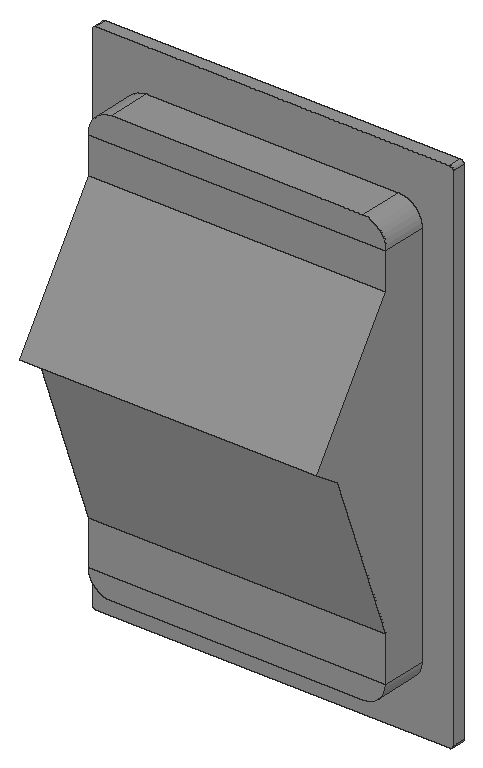
Revit family "L&L_LUCE&LIGHT_PASITO_MINI_1.1", category Lighting Fixtures, host Wall, Revit 2018 (continued)
Types (2, lengths in mm): name | built-in parameter 1150142 | Photometric Web File
    00 0.00 0.00 0.00 0.00 0.00 0.00 \r\n0.00 0.00 0.00 0.00 0.00 0.00 0.00 0.00 0.00 0.00 0.00 \r\n0.00 0.00 0.00 0.00 0.00 0.00 0.00 0.00 0.00 0.00 0.00 \r\n0.00 0.00 0.00 0.00 0.00 0.00 0.00 0.00 0.00 0.00 0.00 \r\n0.00 0.00 0.00 0.00 0.00 0.00 0.00 0.00 0.00 0.00 0.00 \r\n0.00 0.00 0.00 0.00 0.02 \r\n0.03 0.00 0.00 0.00 0.00 0.00 0.00 0.00 0.00 0.00 0.00 \r\n0.00 0.00 0.00 0.00 0.00 0.00 0.00 0.00 0.00 0.00 0.00 \r\n0.00 0.00 0.00 0.00 0.00 0.00 0.00 0.00 0.00 0.00 0.00 \r\n0.00 0.00 0.00 0.00 0.00 0.00 0.00 0.00 0.00 0.00 0.00 \r\n0.00 0.00 0.00 0.00 0.00 0.00 0.00 0.00 0.00 0.00 0.00 \r\n0.00 0.00 0.00 0.00 0.00 0.00 0.00 0.00 0.00 0.00 0.00 \r\n0.00 0.00 0.00 0.00 0.00 0.00 0.00 0.00 0.00 0.00 0.00 \r\n0.00 0.00 0.00 0.00 0.00 0.00 0.00 0.00 0.00 0.00 0.00 \r\n0.00 0.00 0.00 0.00 0.00 0.00 0.00 0.00 0.00 0.00 0.00 \r\n0.00 0.00 0.00 0.00 0.00 0.00 0.00 0.00 0.00 0.00 0.00 \r\n0.00 0.00 0.00 0.00 0.00 0.00 0.00 0.00 0.00 0.00 0.00 \r\n0.00 0.00 0.00 0.00 0.00 0.00 0.00 0.00 0.00 0.00 0.00 \r\n0.00 0.00 0.00 0.00 0.00 0.00 0.00 0.00 0.00 0.00 0.00 \r\n0.00 0.00 0.00 0.00 0.00 0.00 0.00 0.00 0.00 0.00 0.00 \r\n0.00 0.00 0.00 0.00 0.00 0.00 0.00 0.00 0.00 0.00 0.00 \r\n0.00 0.00 0.00 0.00 0.00 0.00 0.00 0.00 0.00 0.00 0.00 \r\n0.00 0.00 0.00 0.00 0.02 \r\n0.03 0.00 0.00 0.00 0.00 0.00 0.00 0.00 0.00 0.00 0.00 \r\n0.00 0.00 0.00 0.00 0.00 0.00 0.00 0.00 0.00 0.00 0.00 \r\n0.00 0.00 0.00 0.00 0.00 0.00 0.00 0.00 0.00 0.00 0.00 \r\n0.00 0.00 0.00 0.00 0.00 0.00 0.00 0.00 0.00 0.00 0.00 \r\n0.00 0.00 0.00 0.00 0.00 0.00 0.00 0.00 0.00 0.00 0.00 \r\n0.00 0.00 0.00 0.00 0.00 0.00 0.00 0.00 0.00 0.00 0.00 \r\n0.00 0.00 0.00 0.00 0.00 0.00 0.00 0.00 0.00 0.00 0.00 \r\n0.00 0.00 0.00 0.00 0.00 0.00 0.00 0.00 0.00 0.00 0.00 \r\n0.00 0.00 0.00 0.00 0.00 0.00 0.00 0.00 0.00 0.00 0.00 \r\n0.00 0.00 0.00 0.00 0.00 0.00 0.00 0.00 0.00 0.00 0.00 \r\n0.00 0.00 0.00 0.00 0.00 0.00 0.00 0.00 0.00 0.00 0.00 \r\n0.00 0.00 0.00 0.00 0.00 0.00 0.00 0.00 0.00 0.00 0.00 \r\n0.00 0.00 0.00 0.00 0.00 0.00 0.00 0.00 0.00 0.00 0.00 \r\n0.00 0.00 0.00 0.00 0.00 0.00 0.00 0.00 0.00 0.00 0.00 \r\n0.00 0.00 0.00 0.00 0.00 0.00 0.00 0.00 0.00 0.00 0.00 \r\n0.00 0.00 0.00 0.00 0.00 0.00 0.00 0.00 0.00 0.00 0.00 \r\n0.00 0.00 0.00 0.00 0.02 \r\n0.03 0.00 0.00 0.00 0.00 0.00 0.00 0.00 0.00 0.00 0.00 \r\n0.00 0.00 0.00 0.00 0.00 0.00 0.00 0.00 0.00 0.00 0.00 \r\n0.00 0.00 0.00 0.00 0.00 0.00 0.00 0.00 0.00 0.00 0.00 \r\n0.00 0.00 0.00 0.00 0.00 0.00 0.00 0.00 0.00 0.00 0.00 \r\n0.00 0.00 0.00 0.00 0.00 0.00 0.00 0.00 0.00 0.00 0.00 \r\n0.00 0.00 0.00 0.00 0.00 0.00 0.00 0.00 0.00 0.00 0.00 \r\n0.00 0.00 0.00 0.00 0.00 0.00 0.00 0.00 0.00 0.00 0.00 \r\n0.00 0.00 0.00 0.00 0.00 0.00 0.00 0.00 0.00 0.00 0.00 \r\n0.00 0.00 0.00 0.00 0.00 0.00 0.00 0.00 0.00 0.00 0.00 \r\n0.00 0.00 0.00 0.00 0.00 0.00 0.00 0.00 0.00 0.00 0.00 \r\n0.00 0.00 0.00 0.00 0.00 0.00 0.00 0.00 0.00 0.00 0.00 \r\n0.00 0.00 0.00 0.00 0.00 0.00 0.00 0.00 0.00 0.00 0.00 \r\n0.00 0.00 0.00 0.00 0.00 0.00 0.00 0.00 0.00 0.00 0.00 \r\n0.00 0.00 0.00 0.00 0.00 0.00 0.00 0.00 0.00 0.00 0.00 \r\n0.00 0.00 0.00 0.00 0.00 0.00 0.00 0.00 0.00 0.00 0.00 \r\n0.00 0.00 0.00 0.00 0.00 0.00 0.00 0.00 0.00 0.00 0.00 \r\n0.00 0.00 0.00 0.00 0.02 \r\n0.03 0.00 0.00 0.00 0.00 0.00 0.00 0.00 0.00 0.00 0.00 \r\n0.00 0.00 0.00 0.00 0.00 0.00 0.00 0.00 0.00 0.00 0.00 \r\n0.00 0.00 0.00 0.00 0.00 0.00 0.00 0.00 0.00 0.00 0.00 \r\n0.00 0.00 0.00 0.00 0.00 0.00 0.00 0.00 0.00 0.00 0.00 \r\n0.00 0.00 0.00 0.00 0.00 0.00 0.00 0.00 0.00 0.00 0.00 \r\n0.00 0.00 0.00 0.00 0.00 0.00 0.00 0.00 0.00 0.00 0.00 \r\n0.00 0.00 0.00 0.00 0.00 0.00 0.00 0.00 0.00 0.00 0.00 \r\n0.00 0.00 0.00 0.00 0.00 0.00 0.00 0.00 0.00 0.00 0.00 \r\n0.00 0.00 0.00 0.00 0.00 0.00 0.00 0.00 0.00 0.00 0.00 \r\n0.00 0.00 0.00 0.00 0.00 0.00 0.00 0.00 0.00 0.00 0.00 \r\n0.00 0.00 0.00 0.00 0.00 0.00 0.00 0.00 0.00 0.00 0.00 \r\n0.00 0.00 0.00 0.00 0.00 0.00 0.00 0.00 0.00 0.00 0.00 \r\n0.00 0.00 0.00 0.00 0.00 0.00 0.00 0.00 0.00 0.00 0.00 \r\n0.00 0.00 0.00 0.00 0.00 0.00 0.00 0.00 0.00 0.00 0.00 \r\n0.00 0.00 0.00 0.00 0.00 0.00 0.00 0.00 0.00 0.00 0.00 \r\n0.00 0.00 0.00 0.00 0.00 0.00 0.00 0.00 0.00 0.00 0.00 \r\n0.00 0.00 0.00 0.00 0.02 \r\n0.03 0.00 0.00 0.00 0.00 0.00 0.00 0.00 0.00 0.00 0.00 \r\n0.00 0.00 0.00 0.00 0.00 0.00 0.00 0.00 0.00 0.00 0.00 \r\n0.00 0.00 0.00 0.00 0.00 0.00 0.00 0.00 0.00 0.00 0.00 \r\n0.00 0.00 0.00 0.00 0.00 0.00 0.00 0.00 0.00 0.00 0.00 \r\n0.00 0.00 0.00 0.00 0.00 0.00 0.00 0.00 0.00 0.00 0.00 \r\n0.00 0.00 0.00 0.00 0.00 0.00 0.00 0.00 0.00 0.00 0.00 \r\n0.00 0.00 0.00 0.00 0.00 0.00 0.00 0.00 0.00 0.00 0.00 \r\n0.00 0.00 0.00 0.00 0.00 0.00 0.00 0.00 0.00 0.00 0.00 \r\n0.00 0.00 0.00 0.00 0.00 0.00 0.00 0.00 0.00 0.00 0.00 \r\n0.00 0.00 0.00 0.00 0.00 0.00 0.00 0.00 0.00 0.00 0.00 \r\n0.00 0.00 0.00 0.00 0.00 0.00 0.00 0.00 0.00 0.00 0.00 \r\n0.00 0.00 0.00 0.00 0.00 0.00 0.00 0.00 0.00 0.00 0.00 \r\n0.00 0.00 0.00 0.00 0.00 0.00 0.00 0.00 0.00 0.00 0.00 \r\n0.00 0.00 0.00 0.00 0.00 0.00 0.00 0.00 0.00 0.00 0.00 \r\n0.00 0.00 0.00 0.00 0.00 0.00 0.00 0.00 0.00 0.00 0.00 \r\n0.00 0.00 0.00 0.00 0.00 0.00 0.00 0.00 0.00 0.00 0.00 \r\n0.00 0.00 0.00 0.00 0.02 \r\n0.03 0.00 0.00 0.00 0.00 0.00 0.00 0.00 0.00 0.00 0.00 \r\n0.00 0.00 0.00 0.00 0.00 0.00 0.00 0.00 0.00 0.00 0.00 \r\n0.00 0.00 0.00 0.00 0.00 0.00 0.00 0.00 0.00 0.00 0.00 \r\n0.00 0.00 0.00 0.00 0.00 0.00 0.00 0.00 0.00 0.00 0.00 \r\n0.00 0.00 0.00 0.00 0.00 0.00 0.00 0.00 0.00 0.00 0.00 \r\n0.00 0.00 0.00 0.00 0.00 0.00 0.00 0.00 0.00 0.00 0.00 \r\n0.00 0.00 0.00 0.00 0.00 0.00 0.00 0.00 0.00 0.00 0.00 \r\n0.00 0.00 0.00 0.00 0.00 0.00 0.00 0.00 0.00 0.00 0.00 \r\n0.00 0.00 0.00 0.00 0.00 0.00 0.00 0.00 0.00 0.00 0.00 \r\n0.00 0.00 0.00 0.00 0.00 0.00 0.00 0.00 0.00 0.00 0.00 \r\n0.00 0.00 0.00 0.00 0.00 0.00 0.00 0.00 0.00 0.00 0.00 \r\n0.00 0.00 0.00 0.00 0.00 0.00 0.00 0.00 0.00 0.00 0.00 \r\n0.00 0.00 0.00 0.00 0.00 0.00 0.00 0.00 0.00 0.00 0.00 \r\n0.00 0.00 0.00 0.00 0.00 0.00 0.00 0.00 0.00 0.00 0.00 \r\n0.00 0.00 0.00 0.00 0.00 0.00 0.00 0.00 0.00 0.00 0.00 \r\n0.00 0.00 0.00 0.00 0.00 0.00 0.00 0.00 0.00 0.00 0.00 \r\n0.00 0.00 0.00 0.00 0.02 \r\n0.03 0.00 0.00 0.00 0.00 0.00 0.00 0.00 0.00 0.00 0.00 \r\n0.00 0.00 0.00 0.00 0.00 0.00 0.00 0.00 0.00 0.00 0.00 \r\n0.00 0.00 0.00 0.00 0.00 0.00 0.00 0.00 0.00 0.00 0.00 \r\n0.00 0.00 0.00 0.00 0.00 0.00 0.00 0.00 0.00 0.00 0.00 \r\n0.00 0.00 0.00 0.00 0.00 0.00 0.00 0.00 0.00 0.00 0.00 \r\n0.00 0.00 0.00 0.00 0.00 0.00 0.00 0.00 0.00 0.00 0.00 \r\n0.00 0.00 0.00 0.00 0.00 0.00 0.00 0.00 0.00 0.00 0.00 \r\n0.00 0.00 0.00 0.00 0.00 0.00 0.00 0.00 0.00 0.00 0.00 \r\n0.00 0.00 0.00 0.00 0.00 0.00 0.00 0.00 0.00 0.00 0.00 \r\n0.00 0.00 0.00 0.00 0.00 0.00 0.00 0.00 0.00 0.00 0.00 \r\n0.00 0.00 0.00 0.00 0.00 0.00 0.00 0.00 0.00 0.00 0.00 \r\n0.00 0.00 0.00 0.00 0.00 0.00 0.00 0.00 0.00 0.00 0.00 \r\n0.00 0.00 0.00 0.00 0.00 0.00 0.00 0.00 0.00 0.00 0.00 \r\n0.00 0.00 0.00 0.00 0.00 0.00 0.00 0.00 0.00 0.00 0.00 \r\n0.00 0.00 0.00 0.00 0.00 0.00 0.00 0.00 0.00 0.00 0.00 \r\n0.00 0.00 0.00 0.00 0.00 0.00 0.00 0.00 0.00 0.00 0.00 \r\n0.00 0.00 0.00 0.00 0.02 \r\n0.03 0.00 0.00 0.00 0.00 0.00 0.00 0.00 0.00 0.00 0.00 \r\n0.00 0.00 0.00 0.00 0.00 0.00 0.00 0.00 0.00 0.00 0.00 \r\n0.00 0.00 0.00 0.00 0.00 0.00 0.00 0.00 0.00 0.00 0.00 \r\n0.00 0.00 0.00 0.00 0.00 0.00 0.00 0.00 0.00 0.00 0.00 \r\n0.00 0.00 0.00 0.00 0.00 0.00 0.00 0.00 0.00 0.00 0.00 \r\n0.00 0.00 0.00 0.00 0.00 0.00 0.00 0.00 0.00 0.00 0.00 \r\n0.00 0.00 0.00 0.00 0.00 0.00 0.00 0.00 0.00 0.00 0.00 \r\n0.00 0.00 0.00 0.00 0.00 0.00 0.00 0.00 0.00 0.00 0.00 \r\n0.00 0.00 0.00 0.00 0.00 0.00 0.00 0.00 0.00 0.00 0.00 \r\n0.00 0.00 0.00 0.00 0.00 0.00 0.00 0.00 0.00 0.00 0.00 \r\n0.00 0.00 0.00 0.00 0.00 0.00 0.00 0.00 0.00 0.00 0.00 \r\n0.00 0.00 0.00 0.00 0.00 0.00 0.00 0.00 0.00 0.00 0.00 \r\n0.00 0.00 0.00 0.00 0.00 0.00 0.00 0.00 0.00 0.00 0.00 \r\n0.00 0.00 0.00 0.00 0.00 0.00 0.00 0.00 0.00 0.00 0.00 \r\n0.00 0.00 0.00 0.00 0.00 0.00 0.00 0.00 0.00 0.00 0.00 \r\n0.00 0.00 0.00 0.00 0.00 0.00 0.00 0.00 0.00 0.00 0.00 \r\n0.00 0.00 0.00 0.00 0.02 \r\n0.03 0.00 0.00 0.00 0.00 0.00 0.00 0.00 0.00 0.00 0.00 \r\n0.00 0.00 0.00 0.00 0.00 0.00 0.00 0.00 0.00 0.00 0.00 \r\n0.00 0.00 0.00 0.00 0.00 0.00 0.00 0.00 0.00 0.00 0.00 \r\n0.00 0.00 0.00 0.00 0.00 0.00 0.00 0.00 0.00 0.00 0.00 \r\n0.00 0.00 0.00 0.00 0.00 0.00 0.00 0.00 0.00 0.00 0.00 \r\n0.00 0.00 0.00 0.00 0.00 0.00 0.00 0.00 0.00 0.00 0.00 \r\n0.00 0.00 0.00 0.00 0.00 0.00 0.00 0.00 0.00 0.00 0.00 \r\n0.00 0.00 0.00 0.00 0.00 0.00 0.00 0.00 0.00 0.00 0.00 \r\n0.00 0.00 0.00 0.00 0.00 0.00 0.00 0.00 0.00 0.00 0.00 \r\n0.00 0.00 0.00 0.00 0.00 0.00 0.00 0.00 0.00 0.00 0.00 \r\n0.00 0.00 0.00 0.00 0.00 0.00 0.00 0.00 0.00 0.00 0.00 \r\n0.00 0.00 0.00 0.00 0.00 0.00 0.00 0.00 0.00 0.00 0.00 \r\n0.00 0.00 0.00 0.00 0.00 0.00 0.00 0.00 0.00 0.00 0.00 \r\n0.00 0.00 0.00 0.00 0.00 0.00 0.00 0.00 0.00 0.00 0.00 \r\n0.00 0.00 0.00 0.00 0.00 0.00 0.00 0.00 0.00 0.00 0.00 \r\n0.00 0.00 0.00 0.00 0.00 0.00 0.00 0.00 0.00 0.00 0.00 \r\n0.00 0.00 0.00 0.00 0.02 \r\n0.03 0.01 0.00 0.00 0.00 0.00 0.00 0.00 0.00 0.00 0.00 \r\n0.00 0.00 0.00 0.00 0.00 0.00 0.00 0.00 0.00 0.00 0.00 \r\n0.00 0.00 0.00 0.00 0.00 0.00 0.00 0.00 0.00 0.00 0.00 \r\n0.00 0.00 0.00 0.00 0.00 0.00 0.00 0.00 0.00 0.00 0.00 \r\n0.00 0.00 0.00 0.00 0.00 0.00 0.00 0.00 0.00 0.00 0.00 \r\n0.00 0.00 0.00 0.00 0.00 0.00 0.00 0.00 0.00 0.00 0.00 \r\n0.00 0.00 0.00 0.00 0.00 0.00 0.00 0.00 0.00 0.00 0.00 \r\n0.00 0.00 0.00 0.00 0.00 0.00 0.00 0.00 0.00 0.00 0.00 \r\n0.00 0.00 0.00 0.00 0.00 0.00 0.00 0.00 0.00 0.00 0.00 \r\n0.00 0.00 0.00 0.00 0.00 0.00 0.00 0.00 0.00 0.00 0.00 \r\n0.00 0.00 0.00 0.00 0.00 0.00 0.00 0.00 0.00 0.00 0.00 \r\n0.00 0.00 0.00 0.00 0.00 0.00 0.00 0.00 0.00 0.00 0.00 \r\n0.00 0.00 0.00 0.00 0.00 0.00 0.00 0.00 0.00 0.00 0.00 \r\n0.00 0.00 0.00 0.00 0.00 0.00 0.00 0.00 0.00 0.00 0.00 \r\n0.00 0.00 0.00 0.00 0.00 0.00 0.00 0.00 0.00 0.00 0.00 \r\n0.00 0.00 0.00 0.00 0.00 0.00 0.00 0.00 0.00 0.00 0.00 \r\n0.00 0.00 0.00 0.00 0.02 \r\n0.03 0.01 0.00 0.00 0.00 0.00 0.00 0.00 0.00 0.00 0.00 \r\n0.00 0.00 0.00 0.00 0.00 0.00 0.00 0.00 0.00 0.00 0.00 \r\n0.00 0.00 0.00 0.00 0.00 0.00 0.00 0.00 0.00 0.00 0.00 \r\n0.00 0.00 0.00 0.00 0.00 0.00 0.00 0.00 0.00 0.00 0.00 \r\n0.00 0.00 0.00 0.00 0.00 0.00 0.00 0.00 0.00 0.00 0.00 \r\n0.00 0.00 0.00 0.00 0.00 0.00 0.00 0.00 0.00 0.00 0.00 \r\n0.00 0.00 0.00 0.00 0.00 0.00 0.00 0.00 0.00 0.00 0.00 \r\n0.00 0.00 0.00 0.00 0.00 0.00 0.00 0.00 0.00 0.00 0.00 \r\n0.00 0.00 0.00 0.00 0.00 0.00 0.00 0.00 0.00 0.00 0.00 \r\n0.00 0.00 0.00 0.00 0.00 0.00 0.00 0.00 0.00 0.00 0.00 \r\n0.00 0.00 0.00 0.00 0.00 0.00 0.00 0.00 0.00 0.00 0.00 \r\n0.00 0.00 0.00 0.00 0.00 0.00 0.00 0.00 0.00 0.00 0.00 \r\n0.00 0.00 0.00 0.00 0.00 0.00 0.00 0.00 0.00 0.00 0.00 \r\n0.00 0.00 0.00 0.00 0.00 0.00 0.00 0.00 0.00 0.00 0.00 \r\n0.00 0.00 0.00 0.00 0.00 0.00 0.00 0.00 0.00 0.00 0.00 \r\n0.00 0.00 0.00 0.00 0.00 0.00 0.00 0.00 0.00 0.00 0.00 \r\n0.00 0.00 0.00 0.00 0.02 \r\n0.03 0.01 0.00 0.00 0.00 0.00 0.00 0.00 0.00 0.00 0.00 \r\n0.00 0.00 0.00 0.00 0.00 0.00 0.00 0.00 0.00 0.00 0.00 \r\n0.00 0.00 0.00 0.00 0.00 0.00 0.00 0.00 0.00 0.00 0.00 \r\n0.00 0.00 0.00 0.00 0.00 0.00 0.00 0.00 0.00 0.00 0.00 \r\n0.00 0.00 0.00 0.00 0.00 0.00 0.00 0.00 0.00 0.00 0.00 \r\n0.00 0.00 0.00 0.00 0.00 0.00 0.00 0.00 0.00 0.00 0.00 \r\n0.00 0.00 0.00 0.00 0.00 0.00 0.00 0.00 0.00 0.00 0.00 \r\n0.00 0.00 0.00 0.00 0.00 0.00 0.00 0.00 0.00 0.00 0.00 \r\n0.00 0.00 0.00 0.00 0.00 0.00 0.00 0.00 0.00 0.00 0.00 \r\n0.00 0.00 0.00 0.00 0.00 0.00 0.00 0.00 0.00 0.00 0.00 \r\n0.00 0.00 0.00 0.00 0.00 0.00 0.00 0.00 0.00 0.00 0.00 \r\n0.00 0.00 0.00 0.00 0.00 0.00 0.00 0.00 0.00 0.00 0.00 \r\n0.00 0.00 0.00 0.00 0.00 0.00 0.00 0.00 0.00 0.00 0.00 \r\n0.00 0.00 0.00 0.00 0.00 0.00 0.00 0.00 0.00 0.00 0.00 \r\n0.00 0.00 0.00 0.00 0.00 0.00 0.00 0.00 0.00 0.00 0.00 \r\n0.00 0.00 0.00 0.00 0.00 0.00 0.00 0.00 0.00 0.00 0.00 \r\n0.00 0.00 0.00 0.00 0.02 \r\n0.03 0.01 0.00 0.00 0.00 0.00 0.00 0.00 0.00 0.00 0.00 \r\n0.00 0.00 0.00 0.00 0.00 0.00 0.00 0.00 0.00 0.00 0.00 \r\n0.00 0.00 0.00 0.00 0.00 0.00 0.00 0.00 0.00 0.00 0.00 \r\n0.00 0.00 0.00 0.00 0.00 0.00 0.00 0.00 0.00 0.00 0.00 \r\n0.00 0.00 0.00 0.00 0.00 0.00 0.00 0.00 0.00 0.00 0.00 \r\n0.00 0.00 0.00 0.00 0.00 0.00 0.00 0.00 0.00 0.00 0.00 \r\n0.00 0.00 0.00 0.00 0.00 0.00 0.00 0.00 0.00 0.00 0.00 \r\n0.00 0.00 0.00 0.00 0.00 0.00 0.00 0.00 0.00 0.00 0.00 \r\n0.00 0.00 0.00 0.00 0.00 0.00 0.00 0.00 0.00 0.00 0.00 \r\n0.00 0.00 0.00 0.00 0.00 0.00 0.00 0.00 0.00 0.00 0.00 \r\n0.00 0.00 0.00 0.00 0.00 0.00 0.00 0.00 0.00 0.00 0.00 \r\n0.00 0.00 0.00 0.00 0.00 0.00 0.00 0.00 0.00 0.00 0.00 \r\n0.00 0.00 0.00 0.00 0.00 0.00 0.00 0.00 0.00 0.00 0.00 \r\n0.00 0.00 0.00 0.00 0.00 0.00 0.00 0.00 0.00 0.00 0.00 \r\n0.00 0.00 0.00 0.00 0.00 0.00 0.00 0.00 0.00 0.00 0.00 \r\n0.00 0.00 0.00 0.00 0.00 0.00 0.00 0.00 0.00 0.00 0.00 \r\n0.00 0.00 0.00 0.01 0.02 \r\n0.03 0.02 0.00 0.00 0.00 0.00 0.00 0.00 0.00 0.00 0.00 \r\n0.00 0.00 0.00 0.00 0.00 0.00 0.00 0.00 0.00 0.00 0.00 \r\n0.00 0.00 0.00 0.00 0.00 0.00 0.00 0.00 0.00 0.00 0.00 \r\n0.00 0.00 0.00 0.00 0.00 0.00 0.00 0.00 0.00 0.00 0.00 \r\n0.00 0.00 0.00 0.00 0.00 0.00 0.00 0.00 0.00 0.00 0.00 \r\n0.00 0.00 0.00 0.00 0.00 0.00 0.00 0.00 0.00 0.00 0.00 \r\n0.00 0.00 0.00 0.00 0.00 0.00 0.00 0.00 0.00 0.00 0.00 \r\n0.00 0.00 0.00 0.00 0.00 0.00 0.00 0.00 0.00 0.00 0.00 \r\n0.00 0.00 0.00 0.00 0.00 0.00 0.00 0.00 0.00 0.00 0.00 \r\n0.00 0.00 0.00 0.00 0.00 0.00 0.00 0.00 0.00 0.00 0.00 \r\n0.00 0.00 0.00 0.00 0.00 0.00 0.00 0.00 0.00 0.00 0.00 \r\n0.00 0.00 0.00 0.00 0.00 0.00 0.00 0.00 0.00 0.00 0.00 \r\n0.00 0.00 0.00 0.00 0.00 0.00 0.00 0.00 0.00 0.00 0.00 \r\n0.00 0.00 0.00 0.00 0.00 0.00 0.00 0.00 0.00 0.00 0.00 \r\n0.00 0.00 0.00 0.00 0.00 0.00 0.00 0.00 0.00 0.00 0.00 \r\n0.00 0.00 0.00 0.00 0.00 0.00 0.00 0.00 0.00 0.00 0.00 \r\n0.00 0.00 0.00 0.01 0.02 \r\n0.03 0.02 0.00 0.00 0.00 0.00 0.00 0.00 0.00 0.00 0.00 \r\n0.00 0.00 0.00 0.00 0.00 0.00 0.00 0.00 0.00 0.00 0.00 \r\n0.00 0.00 0.00 0.00 0.00 0.00 0.00 0.00 0.00 0.00 0.00 \r\n0.00 0.00 0.00 0.00 0.00 0.00 0.00 0.00 0.00 0.00 0.00 \r\n0.00 0.00 0.00 0.00 0.00 0.00 0.00 0.00 0.00 0.00 0.00 \r\n0.00 0.00 0.00 0.00 0.00 0.00 0.00 0.00 0.00 0.00 0.00 \r\n0.00 0.00 0.00 0.00 0.00 0.00 0.00 0.00 0.00 0.00 0.00 \r\n0.00 0.00 0.00 0.00 0.00 0.00 0.00 0.00 0.00 0.00 0.00 \r\n0.00 0.00 0.00 0.00 0.00 0.00 0.00 0.00 0.00 0.00 0.00 \r\n0.00 0.00 0.00 0.00 0.00 0.00 0.00 0.00 0.00 0.00 0.00 \r\n0.00 0.00 0.00 0.00 0.00 0.00 0.00 0.00 0.00 0.00 0.00 \r\n0.00 0.00 0.00 0.00 0.00 0.00 0.00 0.00 0.00 0.00 0.00 \r\n0.00 0.00 0.00 0.00 0.00 0.00 0.00 0.00 0.00 0.00 0.00 \r\n0.00 0.00 0.00 0.00 0.00 0.00 0.00 0.00 0.00 0.00 0.00 \r\n0.00 0.00 0.00 0.00 0.00 0.00 0.00 0.00 0.00 0.00 0.00 \r\n0.00 0.00 0.00 0.00 0.00 0.00 0.00 0.00 0.00 0.00 0.00 \r\n0.00 0.00 0.00 0.01 0.02 \r\n0.03 0.02 0.00 0.00 0.00 0.00 0.00 0.00 0.00 0.00 0.00 \r\n0.00 0.00 0.00 0.00 0.00 0.00 0.00 0.00 0.00 0.00 0.00 \r\n0.00 0.00 0.00 0.00 0.00 0.00 0.00 0.00 0.00 0.00 0.00 \r\n0.00 0.00 0.00 0.00 0.00 0.00 0.00 0.00 0.00 0.00 0.00 \r\n0.00 0.00 0.00 0.00 0.00 0.00 0.00 0.00 0.00 0.00 0.00 \r\n0.00 0.00 0.00 0.00 0.00 0.00 0.00 0.00 0.00 0.00 0.00 \r\n0.00 0.00 0.00 0.00 0.00 0.00 0.00 0.00 0.00 0.00 0.00 \r\n0.00 0.00 0.00 0.00 0.00 0.00 0.00 0.00 0.00 0.00 0.00 \r\n0.00 0.00 0.00 0.00 0.00 0.00 0.00 0.00 0.00 0.00 0.00 \r\n0.00 0.00 0.00 0.00 0.00 0.00 0.00 0.00 0.00 0.00 0.00 \r\n0.00 0.00 0.00 0.00 0.00 0.00 0.00 0.00 0.00 0.00 0.00 \r\n0.00 0.00 0.00 0.00 0.00 0.00 0.00 0.00 0.00 0.00 0.00 \r\n0.00 0.00 0.00 0.00 0.00 0.00 0.00 0.00 0.00 0.00 0.00 \r\n0.00 0.00 0.00 0.00 0.00 0.00 0.00 0.00 0.00 0.00 0.00 \r\n0.00 0.00 0.00 0.00 0.00 0.00 0.00 0.00 0.00 0.00 0.00 \r\n0.00 0.00 0.00 0.00 0.00 0.00 0.00 0.00 0.00 0.00 0.00 \r\n0.00 0.00 0.00 0.01 0.02 \r\n0.03 0.03 0.01 0.00 0.00 0.00 0.00 0.00 0.00 0.00 0.00 \r\n0.00 0.00 0.00 0.00 0.00 0.00 0.00 0.00 0.00 0.00 0.00 \r\n0.00 0.00 0.00 0.00 0.00 0.00 0.00 0.00 0.00 0.00 0.00 \r\n0.00 0.00 0.00 0.00 0.00 0.00 0.00 0.00 0.00 0.00 0.00 \r\n0.00 0.00 0.00 0.00 0.00 0.00 0.00 0.00 0.00 0.00 0.00 \r\n0.00 0.00 0.00 0.00 0.00 0.00 0.00 0.00 0.00 0.00 0.00 \r\n0.00 0.00 0.00 0.00 0.00 0.00 0.00 0.00 0.00 0.00 0.00 \r\n0.00 0.00 0.00 0.00 0.00 0.00 0.00 0.00 0.00 0.00 0.00 \r\n0.00 0.00 0.00 0.00 0.00 0.00 0.00 0.00 0.00 0.00 0.00 \r\n0.00 0.00 0.00 0.00 0.00 0.00 0.00 0.00 0.00 0.00 0.00 \r\n0.00 0.00 0.00 0.00 0.00 0.00 0.00 0.00 0.00 0.00 0.00 \r\n0.00 0.00 0.00 0.00 0.00 0.00 0.00 0.00 0.00 0.00 0.00 \r\n0.
